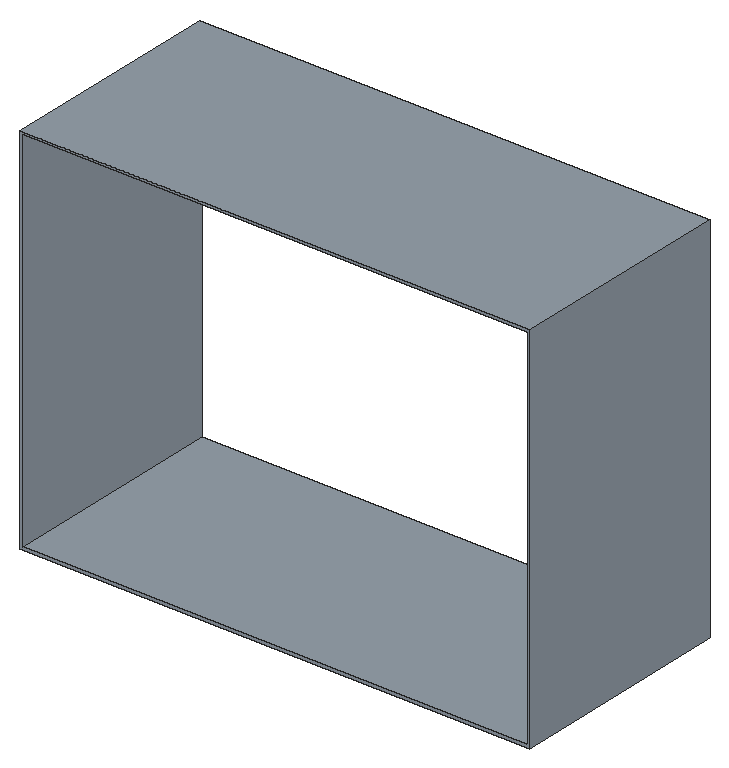
Revit family "矩形风管套管", category 风管管件, Revit 2020
Family settings
  圆形连接件大小 = 使用直径
  零件类型 = 多个端口
  基于工作平面 = 否
  总是垂直 = 是
  加载时剪切的空心 = 是
  共享 = 否
Parameters (values of type "(宽度+50)×(高度+50)")
  默认高程 = 0 mm
  系统缩写 [instance] = ""
  穿管高度 [instance] = 450 mm
  穿管长度 [instance] = 300 mm
  穿管宽度 [instance] = 630 mm
  洞口类型 [instance] = ""
  材质 = 银漆钢
  底部标高BL [instance] = 中心标高CL - 套管高度 / 2  # -250 mm
  套管高度 [instance] = 穿管高度 + 外扩尺寸  # 500 mm
  套管长度 [instance] = 穿管长度 + 外伸长度 + 内伸长度  # 300 mm
  套管宽度 [instance] = 穿管宽度 + 外扩尺寸  # 680 mm
  套管壁厚 [instance] = 3 mm
  外扩尺寸 = 50 mm
  外伸长度 = 0 mm
  内伸长度 = 0 mm
  built-in parameter 1114242 [instance] = (empty or 0)
  中心标高CL [instance] = 0 mm
Types (4, lengths in mm): name | 底部标高BL | 套管高度 | 套管宽度 | 外扩尺寸
  (宽度+100)×(高度+100) | -275 | 550 | 730 | 100
  (宽度+50)×(高度+50) | -250 | 500 | 680 | 50
  (宽度+150)×(高度+150) | -300 | 600 | 780 | 150
  (宽度+200)×(高度+200) | -325 | 650 | 830 | 200
Reference planes
  plane 1 "中心(前/后)": y = 0
  plane 2: z = 0
  plane 3 "中心(左/右)": x = 0
  plane 4: y = -150
  plane 5: y = 150
  plane 6 "前": y = -150
  plane 7 "后": y = 150
  plane 8 "左": x = -340
  plane 9 "右": x = 340
  plane 10 "顶": z = 250
  plane 11 "底": z = -250
Forms (mm)
  Sweep 1, void
    path in 3D
      loop
        line (0, -150, 0) -> (0, 150, 0)
    profile origin (0, 0, 0) x (-1, 0, 0) y (0, 0, 1)
      loop
        line (340, 250) -> (-340, 250) -> (-340, -250) -> (340, -250) -> (340, 250)
  Sweep 2, solid, material "银漆钢" <- "材质", detail levels fine
    path in 3D
      loop
        line (0, -150, 0) -> (0, 150, 0)
    profile origin (0, 0, 0) x (-1, 0, 0) y (0, 0, 1)
      loop
        line (340, 250) -> (-340, 250) -> (-340, -250) -> (340, -250) -> (340, 250)
      loop
        line (337, 247) -> (-337, 247) -> (-337, -247) -> (337, -247) -> (337, 247)
Lines and regions (mm)
  reference lines
    curve 1: line (0, -150, 0) -> (0, 150, 0)
  sketch lines
    curve 2: line (0, -150, 0) -> (0, 150, 0)
    curve 3: line (0, -150, 0) -> (0, 150, 0)
  model lines, style "套管洞口二维", detail levels coarse+medium
    curve 4: line (-340, -150, 250) -> (-340, -150, -250)
    curve 5: line (-340, -150, -250) -> (340, -150, -250)
    curve 6: line (340, -150, -250) -> (340, -150, 250)
    curve 7: line (340, -150, 250) -> (-340, -150, 250)
    curve 8: line (340, 150, 250) -> (340, 150, -250)
    curve 9: line (340, 150, -250) -> (-340, 150, -250)
    curve 10: line (-340, 150, -250) -> (-340, 150, 250)
    curve 11: line (-340, 150, 250) -> (340, 150, 250)
    curve 12: line (-340, 150, 250) -> (-340, -150, 250)
    curve 13: line (-340, 150, -250) -> (-340, -150, -250)
    curve 14: line (340, -150, 250) -> (340, 150, 250)
    curve 15: line (340, -150, -250) -> (340, 150, -250)
  symbolic lines, style "套管洞口二维", detail levels coarse+medium
    curve 16: line (-340, 150, 0) -> (340, -150, 0)
    curve 17: line (340, 150, 0) -> (-340, -150, 0)
Dimensions and locks
  "内伸长度": plane 4 to plane 6 "前"
  equal spacing: plane 5, plane 1 "中心(前/后)", plane 4
  "穿管长度": plane 5 to plane 4
  "外伸长度": plane 7 "后" to plane 5
  equal spacing: plane 9 "右", plane 3 "中心(左/右)", plane 8 "左"
  equal spacing: plane 10 "顶", plane 2, plane 11 "底"
  "套管高度": plane 10 "顶" to plane 11 "底"
  "套管宽度": plane 9 "右" to plane 8 "左"
  "套管壁厚": Sweep 1 to Sweep 2 sketch curve  (x2)
  "套管壁厚": Sweep 2 sketch curve to Sweep 1  (x2)
  aligned and locked: plane 3 "中心(左/右)" to curve 1
  aligned and locked: plane 7 "后" to curve 1
  aligned and locked: plane 6 "前" to curve 1
  aligned and locked: Sweep 1 sketch curve to plane 10 "顶"
  aligned and locked: plane 8 "左" to Sweep 1 sketch curve
  aligned and locked: plane 11 "底" to Sweep 1 sketch curve
  aligned and locked: Sweep 1 sketch curve to plane 9 "右"
Automatic sketch dimensions
  curve 7 to plane 9 "右" = 0 mm
  curve 7 to plane 8 "左" = 0 mm
  curve 4 to plane 11 "底" = 0 mm
  curve 4 to plane 10 "顶" = 0 mm
  curve 8 to plane 9 "右" = 0 mm
  curve 11 to plane 8 "左" = 0 mm
  curve 8 to plane 11 "底" = 0 mm
  curve 8 to plane 10 "顶" = 0 mm
  curve 12 to plane 6 "前" = 0 mm
  curve 13 to plane 6 "前" = 0 mm
  curve 13 to plane 7 "后" = 0 mm
  curve 12 to plane 7 "后" = 0 mm
  curve 13 to plane 11 "底" = 0 mm
  curve 12 to plane 10 "顶" = 0 mm
  curve 15 to plane 6 "前" = 0 mm
  curve 14 to plane 6 "前" = 0 mm
  curve 15 to plane 7 "后" = 0 mm
  curve 14 to plane 7 "后" = 0 mm
  curve 15 to plane 11 "底" = 0 mm
  curve 14 to plane 10 "顶" = 0 mm
  curve 17 to plane 6 "前" = 0 mm
  curve 17 to plane 8 "左" = 0 mm
  curve 16 to plane 7 "后" = 0 mm
  curve 16 to plane 8 "左" = 0 mm
  curve 17 to plane 7 "后" = 0 mm
  curve 17 to plane 9 "右" = 0 mm
  curve 16 to plane 6 "前" = 0 mm
  curve 16 to plane 9 "右" = 0 mm
  Sweep 2 sketch curve to Sweep 2 sketch curve = 3 mm  (x4)
